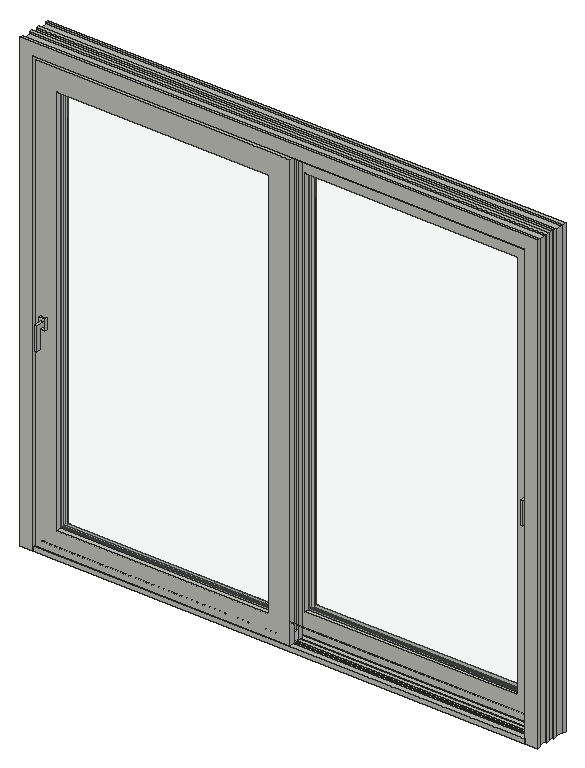
Revit family "2021_ES_Ventana_Replus_RE167-PVC-500_2H", category Ventanas, Revit 2021
Family settings
  Anfitrión = Muro
  Número OmniClass = 23.30.20.00
  Título OmniClass = Windows
  Siempre vertical = Sí
  Corte con vacíos al cargar = No
  Compartido = No
  Punto de cálculo de habitación = No
Parameters (values of type "RE 167/PVC/500")
  Zona = ""
  Vida Util Esperada = ""
  Version Estandar GDO-BIM = "GDO-BIM V02"  # constant formula
  Version = "RVT2021"  # constant formula
  Verano de transmitancia termica = 0
  Unidad Medicion = ""
  Unidad = ""
  Uniclass2015 Titulo = ""
  Uniclass2015 Codigo = ""
  URL de Declaracion de Prestaciones = ""
  URL Producto = "https://replus.es/bim/"
  URL Perfil BIM = "https://bimetica.com/es/objeto-bim-replus-ventana-re167-pvc-500-2-hojas-correras-11119.html"
  URL = "https://replus.es/"
  UNSPSC Titulo = "Windows"
  UNSPSC Codigo = "30171600"
  Transmitancia termica invierno = 0
  Transmitancia solar = 0
  Transmitancia de ganancia de calor solar = 0
  Transmision de luz visible = 0
  Titular = "Regicarp, S.L."  # constant formula
  Tipo Embalaje Proteccion = ""
  Tiene antepecho interno = yes
  Tiene antepecho externo = yes
  Tiempo Util De Vida = ""
  Tiempo Medio Entre Fallos = ""
  Telefono Contacto = "+34 966544310"  # constant formula
  Soporte tecnico BIM = "https://bimsupport.info/es/fabricantes/regicarp-replus-bim/"
  Sistema = ""
  Serie = ""
  Salida de incendios = yes
  Responsable Seguridad = ""
  Responsable Prescripcion = ""
  Responsable Compra = ""
  Residuos Peligrosos por Unidad = 0
  Residuos No Peligrosos por Unidad = 0
  Residuo Radioactivo por Unidad = 0
  Residuo Inerte por Unidad = 0
  Reflectancia solar = 0
  Reflectancia de luz visible = 0
  Referencia Unidad Funcional = ""
  Referencia Lote = ""
  Referencia Contacto Soporte Tecnico = ""
  Referencia Contacto Comercial Venta = ""
  Referencia = "RE 167/PVC/500"
  Punto de Contacto = ""
  Proteccion con Malla = yes
  Profundidad = 0 mm
  Plataforma descaga contenido BIM = "www.bimetica.com"
  Peso = 0.00 kg
  Periodo Garantia = ""
  Partida URL = ""
  Pais de Venta = ""
  Omniclass Titulo = "Plastic Windows"
  Omniclass Codigo = "23-17 13 17"
  Numero de Licencia = "XXXXXXXXXX9500"  # constant formula
  Numero de Declaracion de Prestaciones = ""
  Numero Serie = ""
  Numero Articulo Global Comercial = ""
  Numero Articulo = ""
  Nivel de Riesgo = ""
  Material Vidrio = Glass - Replus
  Material Envoltura = ""
  Material Contenedor = ""
  Material = PVC - Replus - 9152 - White
  Masterformat Titulo = "Plastic Windows"
  Masterformat Codigo = "08 53 00"
  Marcado CE = yes
  Mantenimiento = ""
  Lugar Ensamblaje = ""
  Instrucciones Especiales = ""
  Informacion Tecnica = ""
  Infiltracion = 0
  IfcExportType = "Oscilobatiente"
  IfcExportAs = "IfcWindow"
  Identificador Garantia = ""
  Historial = "(RVT2021) Creacion de Elemento."  # constant formula
  Gubimclass Titulo = "Ventanas de fachadas"
  Gubimclass Codigo = "30.10.20.10"
  Grosor Marco = 60 mm  # constant formula
  Gas de Relleno = ""
  Garantia Extendida = yes
  Fuente Datos LCA = ""
  Fraccion del area de acristalamiento = 0
  Formacion Fotoquimica Ozono por Unidad = 0
  Fecha Vencimiento Elemento BIM = ""
  Fecha Suministro = ""
  Fecha Inicio Garantia = ""
  Fecha Fin Garantia = ""
  Fecha Evaluacion = ""
  Fecha Emision Elemento BIM = ""
  Fecha Compra = ""
  Fecha Colocacion = ""
  Fase Ciclo Vida = ""
  Falta de Recursos por Unidad = 0
  Fabricante = "Replus"
  Exclusiones = ""
  Eutrofizacion por Unidad = 0
  Etiqueta Modelo = ""
  Estandar seguridad = ""
  Espesor de vidrio 3 = 0 mm
  Espesor de vidrio 2 = 0 mm
  Espesor de vidrio 1 = 0 mm
  Espacio libre acceso = 0 mm
  Espacio = ""
  Es templado = yes
  Es recubierto = yes
  Es laminado = yes
  Es Motorizada = yes
  Es Exterior = yes
  Es Accesible = yes
  Energia consumida = 0
  Energia Renovable Consumida por Unidad = 0
  Energia Primaria Total Consumida por Unidad = 0
  Energia No Renovable Consumida por Unidad = 0
  Email Contacto = "info@replus.es"  # constant formula
  Destruccion Capa Ozono Estratosferica por Unidad = 0
  Desfase Interior = 0 mm
  Desfase Exterior = 167 mm
  Descripcion Evaluacion = ""
  Dependiente De = ""
  Definir propiedades térmicas por = Tipo esquemático
  Declaracion Ambiental de Producto URL = ""
  Código de montaje = "B2020100"
  Creditos LEED = ""
  Creditos BREEAM = ""
  Coste Mantenimiento = 0
  Cortahumos = yes
  Contenido Garantia = ""
  Contacto = ""
  Construcción analítica = "<Ninguno>"
  Condiciones de Venta = ""
  Condiciones Evaluacion = ""
  Color de vidrio = ""
  Coeficiente de sombreado = 0
  Codigo Barras = ""
  Codigo = ""
  Clasificacion higrotermica = ""
  Clasificacion de seguridad = ""
  Clasificacion de estanqueidad al agua = ""
  Clasificacion de carga mecanica = ""
  Clasificacion de carga de viento = ""
  Cierre automatico = yes
  Capas de vidrio = 0
  Cambio Climatico por Unidad = 0
  Calificacion de durabilidad = ""
  COBie Categoria = "IfcWindow"
  Base Precio Producto 03 = ""
  Base Precio Producto 02 = ""
  Base Precio Producto 01 = ""
  Autor = "Bimetica Parametric Design Services S.L."  # constant formula
  Ano Produccion = ""
  Anchura hoja = (Anchura - (2 mm * 73)) / 2 + 52.5 mm  # 1229.5 mm
  Rough Width = Anchura  # 2500 mm
  Altura minima requerida = 0 mm
  Altura manilla = 1003.594 mm
  Altura hoja = Height - 25 mm - 73 mm  # 2102 mm
  Rough Height = Height  # 2200 mm
  Height = 2200 mm
  Default Sill Height = 0 mm
  Cierre de muro = Por anfitrión
  Anchura = 2500 mm
  Agua Consumida por Unidad = 0
  Acidificacion Atmosferica por Unidad = 0
  Acabado = ""
  Absorcion solar = 0
Reference planes
  plane 1 "Center (Front/Back)": y = 0
  plane 2 "Center (Left/Right)": x = 0
  plane 3 "Left": x = -1250
  plane 4 "Derecha": x = 1250
  plane 5 "Antepecho": z = 0
  plane 6 "Cabecera": z = 2200
  plane 7 "Exterior": y = 67
  plane 8 "Interior": y = -100
  plane 9 "Ventana": y = -100
  plane 10 "Centro (Alzado)": z = 1100
  plane 11 "Marco Derecha": x = 1190
  plane 12 "Marco Izquierda": x = -1190
  plane 13 "Marco Cabecera": z = 2140
  plane 14: z = 25
  plane 15: x = -1177
  plane 16: x = 1177
  plane 17: z = 2155
  plane 18: x = -53.5
  plane 19: x = 53.5
  plane 20: x = -561.75
  plane 21: x = 561.75
  plane 22: y = -64
  plane 23: y = 31
  plane 24: z = 1003.594
  plane 25: x = 1079.155
  plane 26: x = 1136
  plane 27: x = -1137
Lines and regions (mm)
  Opening 1
    outline origin (3500, -100, 0) x (1, 0, 0) y (0, 0, 1)
      loop
        line (-2250, 0) -> (-2250, 2200) -> (-4750, 2200) -> (-4750, 0) -> (-2250, 0)
Text (mm)
  text "EXTERIOR" at (-1963.203, 1332.353, 0), in view "Ref. Level"
  text "INTERIOR" at (-1981.466, -818.386, 0), in view "Ref. Level"
  text "Exterior" at (0, 923.751, 2943.296), in view "Right"
  text "Exterior" at (0, 1040.484, 2685.409), in view "Left"
Dimensions and locks
  equal spacing: plane 3 "Left", plane 2 "Center (Left/Right)", plane 4 "Derecha"
  "Anchura": plane 3 "Left" to plane 4 "Derecha"
  "Height": plane 5 "Antepecho" to plane 6 "Cabecera"
  "Default Sill Height": plane 5 "Antepecho" to level
  "Desfase Exterior": plane 8 "Interior" to plane 7 "Exterior"
  "Desfase Interior": plane 8 "Interior" to host wall
  equal spacing: plane 5 "Antepecho", plane 10 "Centro (Alzado)", plane 6 "Cabecera"
  equal spacing: Opening 1 sketch curve, plane 2 "Center (Left/Right)", Opening 1 sketch curve
  "Rough Width": Opening 1 sketch curve to Opening 1 sketch curve
  equal spacing: Opening 1 sketch curve, plane 10 "Centro (Alzado)", Opening 1 sketch curve
  "Rough Height": Opening 1 sketch curve to Opening 1 sketch curve
  "Grosor Marco": plane 11 "Marco Derecha" to plane 4 "Derecha"
  "Grosor Marco": plane 3 "Left" to plane 12 "Marco Izquierda"
  "Grosor Marco": plane 13 "Marco Cabecera" to plane 6 "Cabecera"
  locked: plane 7 "Exterior" to plane 9 "Ventana" at 167
  locked: plane 5 "Antepecho" to plane 14 at 25
  locked: plane 17 to plane 6 "Cabecera" at 45
  equal spacing: plane 19, plane 2 "Center (Left/Right)", plane 18
  plane 19 to plane 2 "Center (Left/Right)" = 53.5 mm
  equal spacing: plane 19, plane 20, plane 15
  equal spacing: plane 16, plane 21, plane 18
  locked: plane 22 to plane 9 "Ventana" at 36
  locked: plane 23 to plane 7 "Exterior" at 36
  locked: plane 15 to plane 12 "Marco Izquierda" at 13
  locked: plane 16 to plane 11 "Marco Derecha" at 13
  "Altura manilla": plane 5 "Antepecho" to plane 24
  locked: plane 16 to plane 26 at 41
  locked: plane 27 to plane 15 at 40
  aligned and locked: plane 9 "Ventana" to nested 1
  aligned and locked: plane 2 "Center (Left/Right)" to nested 1
  aligned and locked: plane 21 to nested 3
  aligned and locked: nested 2 to plane 22
  aligned and locked: plane 23 to nested 3
  aligned and locked: nested 2 to plane 14
  aligned and locked: plane 20 to nested 2
  aligned and locked: nested 3 to plane 14
  aligned and locked: plane 5 "Antepecho" to nested 1
  aligned and locked: plane 26 to nested 5
  aligned and locked: nested 5 to plane 24
  aligned and locked: nested 4 to plane 27
  aligned and locked: nested 4 to plane 24
  aligned and locked: nested 7 to plane 10 "Centro (Alzado)"
  aligned and locked: plane 20 to nested 7
  aligned and locked: plane 21 to nested 6
  aligned and locked: plane 10 "Centro (Alzado)" to nested 6
Nested families
  nested 1: "Marco RE167-PVC-500" at (0, -100, 0) x (-1, 0, 0) z (0, 0, 1), type "Marco RE167-PVC-500"
  nested 2: "Hoja RE167-PVC-500" at (-561.75, -64, 25), type "Hoja RE70-PVC-100"
    with Anchura 1229.5 mm, Height 2102 mm
  nested 3: "Hoja RE167-PVC-500" at (561.75, 31, 25), type "Hoja RE70-PVC-100"
    with Anchura 1229.5 mm, Height 2102 mm
  nested 4: "Handle" at (-1137, -99, 1003.594) x (1, 0, 0) z (0, -1, 0), type "Handle", detail levels medium+fine
  nested 5: "Handle" at (1136, -4, 1003.594) x (1, 0, 0) z (0, -1, 0), type "Handle", detail levels medium+fine
  nested 6: "Flecha_apertura" at (561.75, -100, 1100) x (1, 0, 0) z (0, -1, 0), type "Flecha_apertura"
  nested 7: "Flecha_apertura" at (-561.75, -100, 1100) x (-1, 0, 0) z (0, -1, 0), type "Flecha_apertura"
Definition of nested family "Marco RE167-PVC-500"
  Parameters (values of type "Marco RE167-PVC-500")
    Default Elevation = 0 mm
    Define Thermal Properties by = 1
    Analytic Construction = "<Ninguno>"
    Width = 2500 mm
    Height = 2200 mm
    AcabadoMarco = none
  Reference planes
    plane 1 "Centro (Frontal/Posterior)": y = 0
    plane 2: z = 0
    plane 3 "Centro (Izquierda/Derecha)": x = 0
    plane 4: x = -1250
    plane 5: x = 1250
    plane 6: z = 2200
    plane 7: x = -1190
    plane 8: x = 1190
    plane 9: z = 2146
  Forms (mm)
    Sweep 1, solid, material <- "AcabadoMarco", detail levels medium+fine
      path origin (0, 0, 0) x (1, 0, 0) y (0, 0, 1)
        loop
          line (-1250, 0) -> (-1250, 2200) -> (1250, 2200) -> (1250, 0)
      profile origin (0, 0, 2200) x (0, 0, 1) y (0, -1, 0)
        loop
          line (0, 0) -> (0, 15.2) -> (-7.001, 15.2) -> (-7.001, 54.8) -> (0, 54.8) -> (0, 70) -> (-7.001, 70) -> (-7.001, 97) -> (0, 97) -> (0, 112.2) -> (-7.001, 112.2) -> (-7.001, 151.8) -> (0, 151.8) -> (0, 166.997) -> (-60.01, 166.997) -> (-60.01, 140.846) -> (-70.839, 140.846) -> (-72.802, 144.246) -> (-77.002, 144.246) -> (-77.002, 117.746) -> (-72.802, 117.746) -> (-70.839, 121.146) -> (-60.01, 121.146) -> (-60.01, 45.851) -> (-70.839, 45.851) -> (-72.802, 49.251) -> (-77.002, 49.251) -> (-77.002, 22.751) -> (-72.802, 22.751) -> (-70.839, 26.151) -> (-60.01, 26.151) -> (-60.01, 0) -> (0, 0)
    Sweep 2, solid, material <- "AcabadoMarco", detail levels medium+fine
      path origin (0, 0, 0) x (1, 0, 0) y (0, 0, 1)
        loop
          line (-1190, 0) -> (1190, 0)
      profile origin (0, 0, 0) x (0, 0, 1) y (0, -1, 0)
        loop
          line (20, 0) -> (20, 24.919) -> (22, 26.074)
          arc (22, 26.074) -> (23.098, 27.172) -> (23.5, 28.672) r 3
          line (23.5, 28.672) -> (23.75, 33.419) -> (27.486, 33.419)
          arc (27.486, 33.419) -> (29.986, 35.919) -> (27.486, 38.419) r 2.5
          line (27.486, 38.419) -> (23.5, 38.419) -> (23.5, 43.167)
          arc (23.5, 43.167) -> (23.098, 44.667) -> (22, 45.765) r 3
          line (22, 45.765) -> (20, 46.919) -> (20, 70.919) -> (9.36, 70.919) -> (10.322, 88.812) -> (20, 94.4) -> (20, 119.992) -> (22.014, 121.154)
          arc (22.014, 121.154) -> (23.112, 122.252) -> (23.514, 123.752) r 3
          line (23.514, 123.752) -> (23.764, 128.5) -> (27.5, 128.5)
          arc (27.5, 128.5) -> (30, 131) -> (27.5, 133.5) r 2.5
          line (27.5, 133.5) -> (23.514, 133.5) -> (23.514, 138.247)
          arc (23.514, 138.247) -> (23.112, 139.747) -> (22.014, 140.845) r 3
          line (22.014, 140.845) -> (20, 142.008) -> (20, 167) -> (0, 167) -> (0, 0) -> (20, 0)
    Sweep 3, solid, material <- "AcabadoMarco", detail levels coarse
      path origin (0, 0, 0) x (1, 0, 0) y (0, 0, 1)
        loop
          line (-1250, 0) -> (-1250, 2200) -> (1250, 2200) -> (1250, 0)
      profile origin (0, 0, 2200) x (0, 0, 1) y (0, -1, 0)
        loop
          line (0, 0) -> (0, 166.997) -> (-73, 166.997) -> (-73, 0) -> (0, 0)
    Sweep 4, solid, material <- "AcabadoMarco", detail levels coarse
      path origin (0, 0, 0) x (1, 0, 0) y (0, 0, 1)
        loop
          line (-1190, 0) -> (1190, 0)
      profile origin (0, 0, 0) x (0, 0, 1) y (0, -1, 0)
        loop
          line (0, 0) -> (25, 0) -> (25, 167) -> (0, 167) -> (0, 0)
  Cuts and joins
    joined: Sweep 3, Sweep 4
  Dimensions and locks
    equal spacing: plane 5, plane 3 "Centro (Izquierda/Derecha)", plane 4
    "Width": plane 5 to plane 4
    "Height": plane 6 to plane 2
    locked: plane 7 to plane 4 at 60
    locked: plane 5 to plane 8 at 60
    locked: plane 6 to plane 9 at 54
    Sweep 1 to Sweep 1 = 166.997 mm
    aligned and locked: level to plane 2
    aligned and locked: plane 4 to Sweep 1 sketch curve
    aligned and locked: Sweep 1 sketch curve to plane 6
    aligned and locked: Sweep 1 sketch curve to plane 5
    aligned and locked: Sweep 2 sketch curve to plane 2
    aligned and locked: plane 7 to Sweep 2 sketch curve
    aligned and locked: plane 8 to Sweep 2 sketch curve
    aligned and locked: Sweep 3 sketch curve to plane 5
    aligned and locked: Sweep 3 sketch curve to plane 6
    aligned and locked: plane 4 to Sweep 3 sketch curve
    aligned and locked: Sweep 4 sketch curve to plane 2
    aligned and locked: plane 7 to Sweep 4 sketch curve
    aligned and locked: plane 8 to Sweep 4 sketch curve
  Automatic sketch dimensions
    Sweep 1 sketch curve to level = 0 mm  (x2)
    profile plane to Sweep 2 sketch curve = 0 mm
    Sweep 2 sketch curve to plane 1 "Centro (Frontal/Posterior)" = 0 mm
    Sweep 2 sketch curve to profile plane = 20 mm  (x3)
    Sweep 2 sketch curve to profile plane = 9.36 mm
    Sweep 2 sketch curve to profile plane = 10.322 mm
    Sweep 2 sketch curve to Sweep 2 sketch curve = 0.5 mm  (x2)
    Sweep 2 sketch curve to Sweep 2 sketch curve = 0.514 mm  (x2)
    Sweep 2 sketch curve to Sweep 2 sketch curve = 2 mm  (x2)
    Sweep 2 sketch curve to Sweep 2 sketch curve = 2.014 mm  (x2)
    Sweep 2 sketch curve to Sweep 2 sketch curve = 3 mm  (x4)
    Sweep 2 sketch curve to Sweep 2 sketch curve = 0.25 mm  (x2)
    Sweep 2 sketch curve to Sweep 2 sketch curve = 3.986 mm
    Sweep 2 sketch curve to Sweep 2 sketch curve = 3.736 mm
    Sweep 2 sketch curve to Sweep 2 sketch curve = 1.155 mm  (x2)
    Sweep 2 sketch curve to Sweep 2 sketch curve = 4.747 mm  (x4)
    Sweep 2 sketch curve to Sweep 2 sketch curve = 2.5 mm  (x2)
    Sweep 2 sketch curve to Sweep 2 sketch curve = 24 mm
    Sweep 2 sketch curve to Sweep 2 sketch curve = 17.893 mm
    Sweep 2 sketch curve to Sweep 2 sketch curve = 5.588 mm
    Sweep 2 sketch curve to Sweep 2 sketch curve = 25.592 mm
    Sweep 2 sketch curve to Sweep 2 sketch curve = 1.163 mm  (x2)
    Sweep 2 sketch curve to Sweep 2 sketch curve = 24.992 mm
    Sweep 1 sketch curve to plane 1 "Centro (Frontal/Posterior)" = 0 mm
    profile plane to Sweep 1 sketch curve = 0 mm  (x4)
    profile plane to Sweep 1 sketch curve = 7.001 mm  (x3)
    Sweep 1 sketch curve to Sweep 1 sketch curve = 53.009 mm
    Sweep 1 sketch curve to Sweep 1 sketch curve = 10.829 mm  (x3)
    Sweep 1 sketch curve to Sweep 1 sketch curve = 1.963 mm  (x4)
    plane 1 "Centro (Frontal/Posterior)" to Sweep 1 sketch curve = 22.751 mm
    Sweep 1 sketch curve to Sweep 1 sketch curve = 4.2 mm  (x4)
    plane 1 "Centro (Frontal/Posterior)" to Sweep 1 sketch curve = 15.2 mm
    Sweep 1 sketch curve to Sweep 1 sketch curve = 3.4 mm  (x4)
    Sweep 1 sketch curve to Sweep 1 sketch curve = 19.7 mm  (x2)
    Sweep 1 sketch curve to Sweep 1 sketch curve = 39.6 mm  (x2)
    Sweep 1 sketch curve to Sweep 1 sketch curve = 15.2 mm  (x2)
    Sweep 1 sketch curve to Sweep 1 sketch curve = 27 mm
    Sweep 1 sketch curve to Sweep 1 sketch curve = 15.197 mm
    Sweep 1 sketch curve to Sweep 1 sketch curve = 0 mm
    Sweep 1 sketch curve to Sweep 1 sketch curve = 71.896 mm
    Sweep 2 sketch curve to Sweep 2 sketch curve = 24.919 mm
    Sweep 2 sketch curve to Sweep 2 sketch curve = 7.486 mm
    Sweep 3 sketch curve to level = 0 mm  (x2)
    profile plane to Sweep 3 sketch curve = 0 mm
    Sweep 3 sketch curve to plane 1 "Centro (Frontal/Posterior)" = 0 mm
    profile plane to Sweep 3 sketch curve = 73 mm
    plane 1 "Centro (Frontal/Posterior)" to Sweep 3 sketch curve = 166.997 mm
    profile plane to Sweep 4 sketch curve = 0 mm
    Sweep 4 sketch curve to plane 1 "Centro (Frontal/Posterior)" = 0 mm
    Sweep 4 sketch curve to profile plane = 25 mm
    plane 1 "Centro (Frontal/Posterior)" to Sweep 4 sketch curve = 167 mm
Definition of nested family "Hoja RE167-PVC-500"
  Parameters (values of type "Hoja RE70-PVC-100")
    Marco = none
    Default Elevation = 0 mm
    Define Thermal Properties by = 1
    Analytic Construction = "<Ninguno>"
    Width = 1079.5 mm
    Height = 2217 mm
    AcabadoVidrio = none
  Reference planes
    plane 1 "Centro (Frontal/Posterior)": y = 0
    plane 2: z = 0
    plane 3 "Centro (Izquierda/Derecha)": x = 0
    plane 4: x = -539.75
    plane 5: x = 539.75
    plane 6: z = 2217
    plane 7: z = 87
    plane 8: z = 2130
    plane 9: x = -452.75
    plane 10: x = 452.75
    plane 11: y = 25
    plane 12: y = -15
    plane 13: z = 17.5
    plane 14: y = -9
    plane 15: y = 19
    plane 16: z = 2199
    plane 17: y = -35
    plane 18: y = 35
    plane 19: y = 5
  Forms (mm)
    Sweep 1, solid, material <- "Marco", detail levels medium+fine
      path origin (0, 0, 0) x (1, 0, 0) y (0, 0, 1)
        loop
          line (-539.75, 2217) -> (-539.75, 0) -> (539.75, 0) -> (539.75, 2217) -> (-539.75, 2217)
      profile origin (0, 0, 2217) x (0, 0, 1) y (0, -1, 0)
        loop
          line (0, 35) -> (-101.135, 35) -> (-105.154, 20) -> (-77, 20) -> (-77, -21.493) -> (-82, -21.493) -> (-82, -26.157) -> (-75, -26.157) -> (-75, -30.381) -> (-82, -30.381) -> (-82, -35) -> (0, -35) -> (0, -14.5) -> (-14, -14.5) -> (-14, -11) -> (-46.7, -11) -> (-46.7, 11) -> (-14, 11) -> (-14, 14.5) -> (0, 14.5) -> (0, 35)
    Sweep 2, solid, material <- "Marco", detail levels medium+fine
      path origin (0, 0, 0) x (1, 0, 0) y (0, 0, 1)
        loop
          line (-539.75, 2217) -> (-539.75, 0) -> (539.75, 0) -> (539.75, 2217) -> (-539.75, 2217)
      profile origin (0, 0, 2217) x (0, 0, 1) y (0, -1, 0)
        loop
          line (-95.953, -35) -> (-83.5, -35) -> (-82, -33.5) -> (-82, -30.381) -> (-75, -30.381) -> (-75, -26.157) -> (-82, -26.157) -> (-92.5, -28) -> (-103.056, -28) -> (-102.852, -29.185)
          arc (-102.852, -29.185) -> (-100.464, -33.352) -> (-95.953, -35) r 7
    Extrusion 3, solid, material <- "AcabadoVidrio"
      sketch origin (0, 0, 0) x (1, 0, 0) y (0, 0, 1)
        loop
          line (-452.75, 2130) -> (-452.75, 87) -> (452.75, 87) -> (452.75, 2130) -> (-452.75, 2130)
      from -25 to 15
    Sweep 4, solid, detail levels medium+fine
      path origin (0, 0, 0) x (1, 0, 0) y (0, 0, 1)
        loop
          line (-539.75, 17.5) -> (539.75, 17.5)
      profile origin (0, 0, 17.5) x (0, 0, 1) y (0, -1, 0)
        loop
          line (-8.5, 9.325) -> (-8.5, 6) -> (-14.875, 6) -> (-14.875, 2.512)
          arc (-14.875, 2.512) -> (-12.362, 0) -> (-14.875, -2.512) r 2.512
          line (-14.875, -2.512) -> (-14.875, -6) -> (-8.5, -6) -> (-8.5, -9.5) -> (29.5, -9.5) -> (29.5, 9.325) -> (-8.5, 9.325)
    Sweep 5, solid, material <- "Marco", detail levels coarse
      path origin (0, 0, 0) x (1, 0, 0) y (0, 0, 1)
        loop
          line (-539.75, 2217) -> (-539.75, 0) -> (539.75, 0) -> (539.75, 2217) -> (-539.75, 2217)
      profile origin (0, 0, 2217) x (0, 0, 1) y (0, -1, 0)
        loop
          line (0, 35) -> (-101.135, 35) -> (-106.494, 15) -> (-77, 15) -> (-77, -25) -> (-103.815, -25) -> (-101.135, -35) -> (0, -35) -> (0, 35)
  Lines and regions (mm)
    symbolic lines, detail levels fine
      curve 1: line (-452.75, -9, 0) -> (452.75, -9, 0)
      curve 2: line (452.75, 19, 0) -> (-452.75, 19, 0)
      curve 3: line (-452.75, 8, 0) -> (452.75, 8, 0)
      curve 4: line (-452.75, 2, 0) -> (452.75, 2, 0)
      curve 5: line (0, -9, 87) -> (0, -9, 2130)
      curve 6: line (0, 19, 87) -> (0, 19, 2130)
  Dimensions and locks
    equal spacing: plane 5, plane 3 "Centro (Izquierda/Derecha)", plane 4
    "Height": plane 6 to plane 2
    "Width": plane 5 to plane 4
    plane 7 to plane 2 = 87 mm
    locked: plane 6 to plane 8 at 87
    locked: plane 9 to plane 4 at 87
    locked: plane 7 to plane 2 at 87
    locked: plane 5 to plane 10 at 87
    locked: plane 12 to plane 11 at 40
    locked: plane 13 to plane 2 at 17.5
    locked: plane 6 to plane 16 at 18
    locked: plane 11 to plane 15 at 6
    locked: plane 12 to plane 14 at 6
    plane 18 to plane 1 "Centro (Frontal/Posterior)" to plane 17 = 35 mm, 35 mm
    locked: plane 12 to plane 17 at 20
    plane 12 to plane 19 to plane 11 = 20 mm, 20 mm
    locked: curve 4 to plane 19 at 3
    locked: curve 4 to curve 3 at 6
    aligned and locked: level to plane 2
    aligned and locked: plane 6 to Sweep 1 sketch curve
    aligned and locked: plane 4 to Sweep 1 sketch curve
    aligned and locked: plane 2 to Sweep 1 sketch curve
    aligned and locked: Sweep 1 sketch curve to plane 5
    aligned and locked: plane 2 to Sweep 2 sketch curve
    aligned and locked: plane 4 to Sweep 2 sketch curve
    aligned and locked: plane 6 to Sweep 2 sketch curve
    aligned and locked: Sweep 2 sketch curve to plane 5
    aligned and locked: Extrusion 3 sketch curve to plane 8
    aligned and locked: plane 9 to Extrusion 3 sketch curve
    aligned and locked: plane 7 to Extrusion 3 sketch curve
    aligned and locked: Extrusion 3 sketch curve to plane 10
    aligned and locked: plane 11 to Extrusion 3
    aligned and locked: plane 12 to Extrusion 3
    aligned and locked: plane 4 to Sweep 4 sketch curve
    aligned and locked: plane 5 to Sweep 4 sketch curve
    aligned and locked: plane 13 to Sweep 4 sketch curve
    aligned and locked: curve 1 to plane 14
    aligned and locked: curve 2 to plane 15
    aligned and locked: plane 9 to curve 2
    aligned and locked: plane 9 to curve 1
    aligned and locked: plane 10 to curve 1
    aligned and locked: plane 10 to curve 2
    aligned and locked: Sweep 5 sketch curve to plane 5
    aligned and locked: plane 6 to Sweep 5 sketch curve
    aligned and locked: plane 4 to Sweep 5 sketch curve
    aligned and locked: plane 2 to Sweep 5 sketch curve
    aligned and locked: plane 8 to curve 5
    aligned and locked: plane 14 to curve 5
    aligned and locked: curve 6 to plane 15
    aligned and locked: plane 7 to curve 5
    aligned and locked: plane 7 to curve 6
    aligned and locked: Sweep 5 sketch curve to plane 11
    aligned and locked: plane 12 to Sweep 5 sketch curve
  Automatic sketch dimensions
    Sweep 4 sketch curve to plane 1 "Centro (Frontal/Posterior)" = 6 mm
    profile plane to Sweep 4 sketch curve = 14.875 mm
    Sweep 4 sketch curve to Sweep 4 sketch curve = 6.375 mm  (x2)
    Sweep 4 sketch curve to plane 1 "Centro (Frontal/Posterior)" = 9.5 mm
    Sweep 4 sketch curve to plane 1 "Centro (Frontal/Posterior)" = 2.512 mm
    Sweep 4 sketch curve to plane 1 "Centro (Frontal/Posterior)" = 0 mm
    Sweep 4 sketch curve to Sweep 4 sketch curve = 3.488 mm
    plane 1 "Centro (Frontal/Posterior)" to Sweep 4 sketch curve = 9.325 mm
    Sweep 4 sketch curve to profile plane = 29.5 mm
    curve 4 to plane 9 = 0 mm
    curve 3 to plane 9 = 0 mm
    curve 3 to plane 10 = 0 mm
    curve 4 to plane 10 = 0 mm
    profile plane to Sweep 1 sketch curve = 0 mm  (x2)
    profile plane to Sweep 1 sketch curve = 14 mm  (x2)
    plane 1 "Centro (Frontal/Posterior)" to Sweep 1 sketch curve = 11 mm
    Sweep 1 sketch curve to Sweep 1 sketch curve = 32.7 mm
    Sweep 1 sketch curve to Sweep 1 sketch curve = 28.3 mm
    Sweep 1 sketch curve to Sweep 1 sketch curve = 30.3 mm
    Sweep 1 sketch curve to Sweep 1 sketch curve = 5 mm
    Sweep 1 sketch curve to Sweep 1 sketch curve = 7 mm
    Sweep 1 sketch curve to Sweep 1 sketch curve = 24.135 mm
    plane 1 "Centro (Frontal/Posterior)" to Sweep 1 sketch curve = 20 mm
    Sweep 1 sketch curve to Sweep 1 sketch curve = 4.019 mm
    Sweep 1 sketch curve to plane 1 "Centro (Frontal/Posterior)" = 11 mm
    Sweep 1 sketch curve to Sweep 1 sketch curve = 3.5 mm  (x2)
    Sweep 1 sketch curve to plane 1 "Centro (Frontal/Posterior)" = 21.493 mm
    Sweep 1 sketch curve to Sweep 1 sketch curve = 4.664 mm
    Sweep 1 sketch curve to Sweep 1 sketch curve = 4.224 mm
    Sweep 1 sketch curve to Sweep 1 sketch curve = 20.5 mm  (x2)
    profile plane to Sweep 2 sketch curve = 103.056 mm
    Sweep 2 sketch curve to plane 1 "Centro (Frontal/Posterior)" = 29.185 mm
    Sweep 2 sketch curve to Sweep 2 sketch curve = 0.204 mm
    Sweep 2 sketch curve to Sweep 2 sketch curve = 6.899 mm
    Sweep 2 sketch curve to Sweep 2 sketch curve = 3.453 mm
    Sweep 2 sketch curve to Sweep 2 sketch curve = 9 mm
    Sweep 2 sketch curve to Sweep 2 sketch curve = 1.5 mm
    Sweep 2 sketch curve to Sweep 2 sketch curve = 7 mm  (x2)
    Sweep 2 sketch curve to Sweep 2 sketch curve = 2.381 mm
    Sweep 2 sketch curve to Sweep 2 sketch curve = 3.119 mm
    Sweep 2 sketch curve to Sweep 2 sketch curve = 4.224 mm
    Sweep 2 sketch curve to plane 1 "Centro (Frontal/Posterior)" = 26.157 mm
    Sweep 2 sketch curve to Sweep 2 sketch curve = 0 mm
    profile plane to Sweep 5 sketch curve = 0 mm
    plane 1 "Centro (Frontal/Posterior)" to Sweep 5 sketch curve = 35 mm
    Sweep 5 sketch curve to Sweep 5 sketch curve = 24.135 mm  (x2)
    Sweep 5 sketch curve to Sweep 5 sketch curve = 5.359 mm
    Sweep 5 sketch curve to plane 1 "Centro (Frontal/Posterior)" = 35 mm
    Sweep 5 sketch curve to Sweep 5 sketch curve = 2.68 mm
    profile plane to Sweep 5 sketch curve = 77 mm
    curve 6 to plane 8 = 0 mm
Definition of nested family "Handle"
  Parameters (values of type "Handle")
    Material = none
    Default Elevation = 1219.2 mm
  Reference planes
    plane 1 "Centre (avant/arrière)": y = 0
    plane 2: z = 0
    plane 3 "Centre (gauche/droite)": x = 0
    plane 4: z = 40
    plane 5: y = -100
    plane 6 "Plaque": z = 10
    plane 7: x = -6
  Forms (mm)
    Extrusion 1, solid
      sketch origin (0, 0, 0) x (1, 0, 0) y (0, 1, 0)
        loop
          line (-1219.2, 1219.2) -> (-1219.2, -1219.2) -> (1219.2, -1219.2) -> (1219.2, 1219.2) -> (-1219.2, 1219.2)
      from 0 to -304.8
    Extrusion 2, solid, material <- "Material"
      sketch origin (0, 0, 0) x (1, 0, 0) y (0, 1, 0)
        loop
          line (-14.231, 24.783) -> (-14.231, -24.783) -> (14.231, -24.783) -> (14.231, 24.783) -> (-14.231, 24.783)
      from 0 to 10
    Sweep 3, solid, material <- "Material"
      path origin (0, 0, 0) x (0, 1, 0) y (0, 0, 1)
        loop
          line (0, 10) -> (0, 40) -> (-100, 40)
      profile origin (0, 0, 25) x (0, -1, 0) y (1, 0, 0)
        loop
          line (10, -6) -> (10, 6) -> (-10, 6) -> (-10, -6) -> (10, -6)
  Dimensions and locks
    plane 4 to plane 2 = 40 mm
    plane 5 to plane 1 "Centre (avant/arrière)" = 100 mm
    equal spacing: Extrusion 2 sketch curve, plane 3 "Centre (gauche/droite)", Extrusion 2 sketch curve
    equal spacing: Extrusion 2 sketch curve, plane 1 "Centre (avant/arrière)", Extrusion 2 sketch curve
    Extrusion 2 sketch curve to Extrusion 2 sketch curve = 28.462 mm
    Extrusion 2 sketch curve to Extrusion 2 sketch curve = 49.566 mm
    locked: plane 7 to plane 3 "Centre (gauche/droite)" at 6
    aligned and locked: plane 2 to Extrusion 1
    aligned and locked: level to Extrusion 1
    aligned and locked: plane 6 "Plaque" to Extrusion 2
    aligned and locked: plane 6 "Plaque" to Sweep 3 sketch curve
    aligned and locked: plane 5 to Sweep 3 sketch curve
    aligned and locked: Sweep 3 sketch curve to plane 4
    aligned and locked: Sweep 3 sketch curve to plane 1 "Centre (avant/arrière)"
Definition of nested family "Flecha_apertura"
  Reference planes
    plane 1 "Centro (Frontal/Posterior)": y = 0
    plane 2: z = 0
    plane 3 "Centro (Izquierda/Derecha)": x = 0
  Lines and regions (mm)
    detail lines, in view "Nivel de referencia"
      curve 1: line (100, 0, 0) -> (-52.369, 0, 0)
      curve 2: line (-100, 0, 0) -> (-52.369, -27.5, 0)
      curve 3: line (-100, 0, 0) -> (-52.369, 27.5, 0)
      curve 4: line (-52.369, 27.5, 0) -> (-52.369, -27.5, 0)
